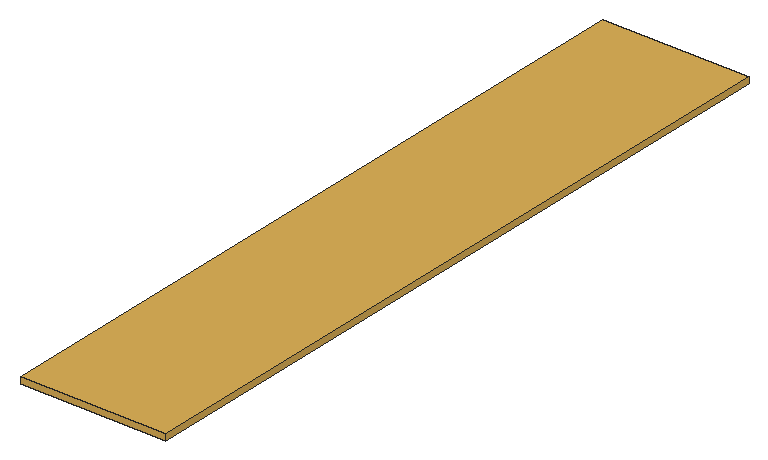
Revit family "Cambio Wall Systems - Acoustic - Felt Board 18x90", category Generic Models, host Face, Revit 2023
Family settings
  Host = Face
  Can host rebar = No
  Round Connector Dimension = Use Diameter
  Part Type = Normal
  Cut with Voids When Loaded = No
  Maintain Annotation Orientation = No
  Shared = No
  Room Calculation Point = No
Parameters (values of type "Felt Board Color - YELLOW")
  Default Elevation = 4' - 0"
  Cambio Material = Cambio Felt Board - Yellow
Types (35): name | Cambio Material
  Felt Board Color - BERRY | Cambio Felt Board - Berry
  Felt Board Color - BLACK | Cambio Felt Board - Black
  Felt Board Color - BLUE JEAN | Cambio Felt Board - Blue Jean
  Felt Board Color - BROWN | Cambio Felt Board - Brown
  Felt Board Color - CHARCOAL | Cambio Felt Board - Charcoal
  Felt Board Color - EARTH BROWN | Cambio Felt Board - Earth Brown
  Felt Board Color - GREEN | Cambio Felt Board - Green
  Felt Board Color - GREY | Cambio Felt Board - Grey
  Felt Board Color - HEATHER GREEN | Cambio Felt Board - Heather Green
  Felt Board Color - HICKORY | Cambio Felt Board - Hickory
  Felt Board Color - HONEY DEW | Cambio Felt Board - Honey Dew
  Felt Board Color - LEMON | Cambio Felt Board - Lemon
  Felt Board Color - LILAC | Cambio Felt Board - Lilac
  Felt Board Color - LIME | Cambio Felt Board - Lime
  Felt Board Color - MARBLE | Cambio Felt Board - Marble
  Felt Board Color - MAROON | Cambio Felt Board - Maroon
  Felt Board Color - MIDNIGHT BLUE | Cambio Felt Board - Midnight Blue
  Felt Board Color - NAVY | Cambio Felt Board - Navy
  Felt Board Color - OAT | Cambio Felt Board - Oat
  Felt Board Color - ORANGE | Cambio Felt Board - Orange
  Felt Board Color - PEAR | Cambio Felt Board - Pear
  Felt Board Color - PEPPER | Cambio Felt Board - Pepper
  Felt Board Color - PERIWINKLE | Cambio Felt Board - Periwinkle
  Felt Board Color - PINK | Cambio Felt Board - Pink
  Felt Board Color - PUMPKIN | Cambio Felt Board - Pumpkin
  Felt Board Color - PURPLE | Cambio Felt Board - Purple
  Felt Board Color - RED | Cambio Felt Board - Red
  Felt Board Color - SALMON | Cambio Felt Board - Salmon
  Felt Board Color - SAND DOLLAR | Cambio Felt Board - Sand Dollar
  Felt Board Color - SKY BLUE | Cambio Felt Board - Sky Blue
  Felt Board Color - STONE | Cambio Felt Board - Stone
  Felt Board Color - TEAL | Cambio Felt Board - Teal
  Felt Board Color - VIOLET | Cambio Felt Board - Violet
  Felt Board Color - WHITE | Cambio Felt Board - White
  Felt Board Color - YELLOW | Cambio Felt Board - Yellow
Reference planes (in)
  plane 1 "Center (Front/Back)": y = 0
  plane 2: z = 0
  plane 3 "Center (Left/Right)": x = 0
Forms (in)
  Extrusion 1, solid, material "Cambio Felt Board - Yellow" <- "Cambio Material"
    sketch origin (0, 0, 0) x (1, 0, 0) y (0, 1, 0)
      loop
        line (-9, 45) -> (-9, -45) -> (9, -45) -> (9, 45) -> (-9, 45)
    from 0 to 0.75
Dimensions and locks (in)
  Extrusion 1 sketch curve to plane 3 "Center (Left/Right)" to Extrusion 1 sketch curve = 0' - 9" locked, 0' - 9" locked
  Extrusion 1 sketch curve to plane 1 "Center (Front/Back)" to Extrusion 1 sketch curve = 3' - 9" locked, 3' - 9" locked
  aligned and locked: plane 2 to host face
  aligned and locked: level to host face
